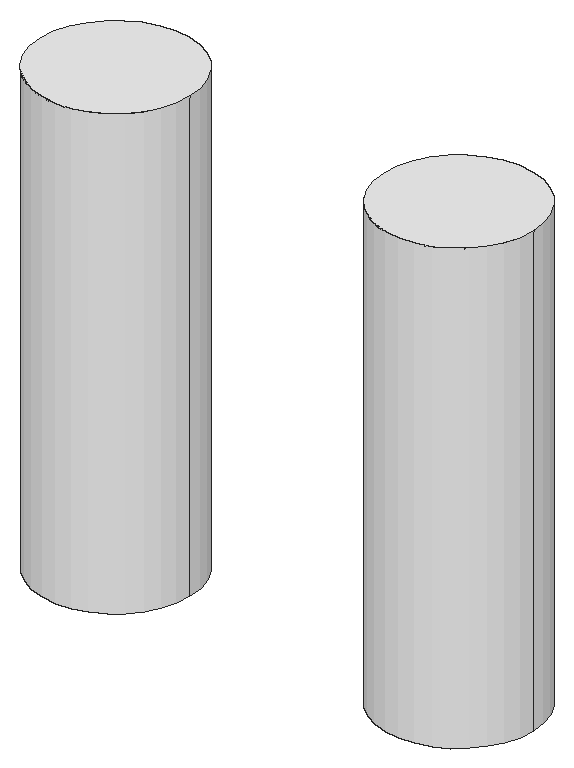
Revit family "54212209(2023)", category Plumbing Fixtures, Revit 2020
Family settings
  Round Connector Dimension = Use Diameter
  Part Type = Normal
  OmniClass Number = 23.45.55.00
  OmniClass Title = Sanitary Faucets, Wastes
  Work Plane-Based = No
  Always vertical = Yes
  Cut with Voids When Loaded = No
  Shared = No
  Room Calculation Point = No
Parameters (values of type "54212209 HANSAVANTIS Style")
  Working Pressure = "50 - 1000 kPa"
  WarrantyStartDate [instance] = "n/a"
  WarrantyGuarantorParts = "n/a"
  WarrantyGuarantorLabor = "n/a"
  WarrantyDurationUnit = "Year"
  WarrantyDurationParts = "n/a"
  WarrantyDurationLabor = "n/a"
  WarrantyDescription = "http://warranty.hansa.com"
  Warranty Information URL = "http://warranty.hansa.com"
  VersionDate = "17/01/2024"
  Version = "1"
  ValvePattern = "n/a"
  ValveOperation = "n/a"
  ValveMechanism = "n/a"
  Uniclass2015Reference = "Pr_40_20_87_96"
  Uniclass2015Description = "Washbasin manual water supply sets"
  Uniclass2 = "Pr_40_30_96_96"
  URL WEEE = "http://static.hansa.com/WEEE/54212209"
  URL UWL = "http://static.hansa.com/UWL/54212209"
  URL REACH = "http://static.hansa.com/doc/reach"
  URL EcoLabel Declaration = "http://static.hansa.com/doc/EcoLabel"
  URL EU Packaging Declaration = "http://static.hansa.com/doc/packaging"
  URL Declaration of SCIP = "http://static.hansa.com/doc/SCIP"
  URL Declaration of Conformity = "http://static.hansa.com/DoC/54212209"
  URL Declaration of Asbestos = "http://static.hansa.com/doc/asbestos"
  URL Declaration Of Performance (DOP) = "http://static.hansa.com/doc/DoP"
  URL = ""
  UNSPSC Class Number = "30181700 Faucets or taps"
  TestPressure = "n/a"
  Temperature Adjustments = "Limitation option for maximum temperature and flow-rate "
  Technical DataSheet URL = "http://www.hansa.com/datasheet/54212209/en"
  TagNumber [instance] = "n/a"
  SustainabilityPerformance = "n/a"
  Surface treatment = "Chrome"
  Spout Type = "Swivel spout"
  Spout Swivel Range = "120°"
  Spout Projection = "255 mm"
  Size = "54x261.5x338 mm"
  Shape = "Sculptured"
  SerialNumber [instance] = "n/a"
  Sales Package dimensions (LxWxH) = "508 x 249 x 96"
  Revision = "n/a"
  ReplacementCost = "n/a"
  Protection Class = "IP 55"
  ProductInformation = "Kitchen faucet with high spout"
  Product URL = "http://static.hansa.com/54212209"
  Product Image URL = "http://static.hansa.com/image/54212209"
  Product Family = "Hybrid Hybrid;Plug transformer;Bluetooth®"
  Product Code = "54212209"
  OperatingMechanismMaterial = "n/a"
  Operating Voltage = 2309 V
  Operating Distance = "0-30 mm ( 30/90/110/130 mm)"
  NominalWidth = 50 mm
  NominalHeight = 330 mm
  NominalDepth = 259 mm
  Noise Class = "I (ISO 3822)"
  Name_en = "54212209 HANSAVANTIS Style"
  Name = "54212209 HANSAVANTIS Style"
  NBSReference = "45-35-70/371"
  NBSDescription = "Water supply fittings for wash basins and troughs"
  ModelReference = "54212209"
  ModelNumber = "n/a"
  Model = "54212209 HANSAVANTIS Style"
  Mobile Product Information URL = "http://mpi.hansa.com/54212209"
  Mechanical Parts = "30Cartridge"
  Max. Hot Water Supply = 70 °C
  Max Flow Period = "10 s (1-1800s)"
  Material = "Brass"
  Market = "International;Germany;Austria;Belgium;Netherlands;Czech Republic;Slovakia;Italy"
  ManufacturerURL = "http://www.hansa.com"
  ManufacturerName = "HANSA"
  Manufacturer = "HANSA"
  Lever Handle = "Single operating lever/handle;Hot/Cold symbols"
  Interactive AR View URL = "https://static.hansa.com/AR/54212209"
  InstallationDate [instance] = "n/a"
  Installation and Maintenance Guide URL = "http://static.hansa.com/manual/54212209"
  Installation Type = "Deck mounted"
  InletConnectionSize = 10 mm
  IfcExportType = "FAUCET"  # constant formula
  IfcExportAs = "IfcValveType"  # constant formula
  Group = "Sales item"
  Grade = "n/a"
  FlowCoefficient = 0
  Flow Rate At 300kPa With Flow Controller = 0.18 L/s
  Flow Drawing URL = "http://static.hansa.com/flowchart/54212209"
  Finish = "Polished"
  Features = "Kitchen faucet"
  FaucetMainMaterial = Chrome
  FDV Document URL = "http://www.hansa.com/datasheet/54212209/en/fdv"
  ExpectedLife = "n/a"
  Electronic Parts = "Solenoid valve;Power supply"
  ETIM Class Number = "EC011431 Kitchen mixing tap"
  EN Standard = "ETSI EN 301 489-1 V1.9.2 , \nETSI EN 300 328 v2.2.2 , \nEN 61000-6-1:2007 , \nEN 61000-6-3:2007+A1:2011+AC:2012 , \nEN 60335-1:2012+A11+A13+A1+A14+A2+A15:2021, Part 19.11.4"
  EMC Directive = "Radio Equipment Directive 2014/53/EU , \nLow Voltage Directive 2014/35/EU , \nEMC Directive 2014/30/EU , \nRoHS Directive 2011/65/EU"
  EAN Number = "4057304019890"
  DurationUnit = "Year"
  Dimension Drawing URL = "http://static.hansa.com/dimdrw/54212209"
  Description = ""
  DefaultElevation [instance] = 900 mm
  Default Elevation = 0 mm
  Constituents = "n/a"
  Connection Size = "G3/8"
  Connection = "Flexible inlet pipes"
  Color = "Chrome"
  CodePerformance = "n/a"
  CloseOffRating = 0
  Catalog Drawing URL = "http://static.hansa.com/catdrw/54212209"
  Brand = "HANSA"
  BodyMaterial = "Brass"
  Bluetooth = "5.x (D060576)"
  Barcode [instance] = "n/a"
  Backflow Prevention EN1717 = "EB"
  BIMObjectName = "54212209(2023)"
  Automatic Flush Period = "30 s (1-1800 s)"
  Automatic Flush Frequency = "30 s (1-1800 s)"
  Author = "BIMStone"
  AssetType = "Fixed"
  AssetIdentifier [instance] = "n/a"
  Aerator = "Standard aerator"
  Advanced Features = "Inner body made of DZR brass"
  AccessibilityPerformance = "n/a"
  3D View = "https://static.hansa.com/AR/54212209"
  2D/3D/BIM Files URL = "http://static.hansa.com/bim/54212209"
Reference planes
  plane 1 "Center (Front/Back)": y = 0
  plane 2: z = 0
  plane 3 "Center (Left/Right)": x = 0
  plane 4: x = -25
  plane 5: z = 900
  plane 6: z = 870
  plane 7: x = 25
  plane 8: y = -259
  plane 9: z = 1230
  plane 10: x = 73.906
Forms (mm)
  Extrusion 1, solid, material "Chrome" <- "FaucetMainMaterial"
    sketch origin (0, 47.989, 0) x (1, 0, 0) y (0, 1, 0)
      loop
        circle (-11.5, -71.208) r 5
      loop
        circle (11.5, -71.208) r 5
    from 870 to 900
Dimensions and locks
  "DefaultElevation": plane 5 to level
  locked: plane 5 to plane 6 at 30
  equal spacing: plane 4, plane 3 "Center (Left/Right)", plane 7
  "NominalWidth": plane 4 to plane 7
  "NominalDepth": plane 8 to plane 1 "Center (Front/Back)"
  "NominalHeight": plane 9 to plane 5
  plane 4 to plane 10 = 98.906 mm
  "InletConnectionSize": diameter of Extrusion 1 sketch curve  (x2)
  aligned and locked: level to plane 2
  aligned and locked: plane 5 to Extrusion 1
  aligned and locked: Extrusion 1 to plane 6
  aligned and locked: plane 5 to nested 2
Automatic sketch dimensions
  plane 3 "Center (Left/Right)" to Extrusion 1 sketch curve = 11.5 mm
  Extrusion 1 sketch curve to plane 3 "Center (Left/Right)" = 11.5 mm
  plane 1 "Center (Front/Back)" to Extrusion 1 sketch curve = 23.219 mm  (x2)
Nested families
  nested 1: "Symbol" at (0, 0, 0), type "Symbol", detail levels coarse
  nested 2: "54212209(2023)_p" at (0, 0, 900), Body <- "FaucetMainMaterial", type "54212209(2023)"
    with Body Chrome
Connectors
  piping at (-11.5, -23.219, 870), diameter 10, driven by "InletConnectionSize"
    settings: on Extrusion 1, index 1, connector inside diameter 609.6 mm, connector length 0 mm, flow factor 0, pipe flow 0.0 L/s, pressure drop 0.0 Pa, fitting loss kfactor 0, connector angle 0.00°, fixture units 0, engagement length 0 mm, angle of deflection 0.00°, flow configuration 1, flow direction 1, fitting loss method 0, system type 19, joint type 0, gender type 0, connector reference index -1, connector utility 0, adjustable connector no, is connector primary yes, connector description ""
  piping at (11.5, -23.219, 870), diameter 10, driven by "InletConnectionSize"
    settings: on Extrusion 1, index 2, connector inside diameter 609.6 mm, connector length 0 mm, flow factor 0, pipe flow 0.0 L/s, pressure drop 0.0 Pa, fitting loss kfactor 0, connector angle 0.00°, fixture units 0, engagement length 0 mm, angle of deflection 0.00°, flow configuration 1, flow direction 1, fitting loss method 0, system type 20, joint type 0, gender type 0, connector reference index -1, connector utility 0, adjustable connector no, is connector primary no, connector description ""
Definition of nested family "Symbol"
  Reference planes
    plane 1: y = 0
    plane 2: x = 0
  Lines and regions (mm)
    detail lines
      curve 1: line (0, 0, 0) -> (0, -1.8, 0)
      curve 2: line (-0.4, -1.1, 0) -> (0.4, -1.1, 0)
      curve 3: line (-0.4, -1.4, 0) -> (0.4, -1.4, 0)
      curve 4: line (0.863, 0, 0) -> (-0.863, 0, 0)
      curve 5: circle (-1.163, 0, 0) r 0.3 normal (0, 0, -1)
      curve 6: circle (1.163, 0, 0) r 0.3 normal (0, 0, 1)
Definition of nested family "54212209(2023)_p"
  Parameters
    Default Elevation = 0 mm
    Body [instance] = none
  Reference planes
    plane 1 "Center (Front/Back)": y = 0
    plane 2: z = 0
    plane 3 "Center (Left/Right)": x = 0
    plane 4: y = -259.041
    plane 5: z = 329.978
    plane 6: x = 73.906
    plane 7: x = -25.016
    plane 8: x = 25.016
  Forms (mm)
    Revolve 1, solid, material <- "Body", detail levels medium
      sketch origin (0, -25.106, 0) x (1, 0, 0) y (0, 0, 1)
        loop
          line (0, 0) -> (0, 119.955) -> (0, 155.995) -> (-12.03, 155.995)
          arc (-12.03, 155.995) -> (-13.262, 151.035) -> (-15.793, 146.595) r 18.682
          arc (-15.793, 146.595) -> (-19.386, 139.881) -> (-20.627, 132.367) r 23.353
          line (-20.627, 132.367) -> (-20.627, 4.978) -> (-23.539, 4.978)
          arc (-23.539, 4.978) -> (-24.583, 4.546) -> (-25.016, 3.501) r 1.477
          line (-25.016, 3.501) -> (-25.016, 0) -> (-23.227, 0) -> (0, 0)
        axis (0, 155.995) -> (0, 0)
      angle from 0 to 360
    Sweep 2, solid, material <- "Body", detail levels medium
      path origin (0, 0, 0) x (0, 1, 0) y (0, 0, 1)
        loop
          line (-24.168, 155.995) -> (-24.168, 287.084)
          arc (-24.168, 287.084) -> (-33.329, 309.199) -> (-55.444, 318.36) r 31.276
          line (-55.444, 318.36) -> (-213.11, 318.36)
          arc (-213.11, 318.36) -> (-233.231, 311.333) -> (-244.604, 293.308) r 32.323
          line (-244.604, 293.308) -> (-247.493, 280.796)
      profile origin (0, -24.168, 221.54) x (0, -1, 0) y (1, 0, 0)
        loop
          circle (0.937, 0) r 12.03
    Extrusion 3, solid, material <- "Body", detail levels medium
      sketch origin (0, -1.875, 5.625) x (0, 1, 0) y (0, 0, 1)
        loop
          circle (-23.35, 63.254) r 20
      from 0 to 73.906
    Revolve 4, solid, material <- "Body", detail levels medium
      sketch origin (68.39, -1.875, 5.625) x (0, 1, 0) y (0, 0, 1)
        loop
          line (-63.264, 132.518) -> (-30.764, 76.226) -> (-26.236, 78.84) -> (-57.737, 133.4)
          arc (-57.737, 133.4) -> (-58.951, 134.332) -> (-60.467, 134.132) r 1.999
          line (-60.467, 134.132) -> (-63.264, 132.518)
        axis (-63.264, 132.518) -> (-30.764, 76.226)
      angle from 0 to 360
    Extrusion 5, solid, material <- "Body", detail levels coarse
      sketch origin (0, 0, 0) x (1, 0, 0) y (0, 1, 0)
        loop
          line (-25.016, 0) -> (-25.016, -259.041) -> (73.906, -259.041) -> (73.906, 0) -> (-25.016, 0)
      from 0 to 329.978
  Cuts and joins
    joined: Revolve 1, Sweep 2, Extrusion 3, Revolve 4
  Lines and regions (mm)
    symbolic lines, detail levels medium+fine
      curve 1: line (0, 0, 0) -> (-25.016, 0, 0)
      curve 2: line (-11.88, 0, 318.671) -> (-11.88, 0, 156.039)
      curve 3: arc (0, 0, 329.964) -> (-8.363, 0, 326.867) -> (-11.88, 0, 318.671) r 11.307
      curve 4: line (0, 0, 0) -> (25.016, 0, 0)
      curve 5: line (11.88, 0, 318.671) -> (11.88, 0, 156.039)
      curve 6: arc (0, 0, 329.964) -> (8.363, 0, 326.867) -> (11.88, 0, 318.671) r 11.307
      curve 7: line (41.194, 0, 47.358) -> (27.225, 0, 47.358)
      curve 8: line (41.194, 0, 47.358) -> (41.194, 0, 48.505)
      curve 9: line (41.194, 0, 89.354) -> (26.3, 0, 89.354)
      curve 10: line (41.194, 0, 48.505) -> (43.515, 0, 49.171)
      curve 11: arc (43.515, 0, 49.171) -> (45.054, 0, 49.727) -> (46.503, 0, 50.486) r 12.11
      curve 13: line (72.352, 0, 47.387) -> (49.555, 0, 47.387)
      curve 14: arc (49.555, 0, 47.387) -> (48.783, 0, 47.572) -> (48.179, 0, 48.085) r 1.706
      curve 15: arc (48.179, 0, 48.085) -> (47.327, 0, 49.276) -> (46.503, 0, 50.486) r 63.042
      curve 16: arc (73.906, 0, 49.028) -> (73.482, 0, 47.873) -> (72.352, 0, 47.387) r 1.556
      curve 17: line (73.906, 0, 49.028) -> (73.906, 0, 135.708)
      curve 18: arc (73.906, 0, 135.708) -> (73.209, 0, 137.835) -> (71.387, 0, 139.135) r 3.591
      curve 19: arc (71.387, 0, 139.135) -> (68.253, 0, 139.524) -> (65.183, 0, 138.788) r 8.849
      curve 20: arc (65.183, 0, 138.788) -> (63.79, 0, 137.527) -> (63.431, 0, 135.683) r 2.975
      curve 21: line (63.431, 0, 135.683) -> (62.93, 0, 91.848)
      curve 22: line (43.166, 0, 89.375) -> (61.286, 0, 89.375)
      curve 23: arc (62.93, 0, 91.848) -> (62.871, 0, 91.088) -> (62.715, 0, 90.342) r 5.846
      curve 24: arc (62.715, 0, 90.342) -> (62.178, 0, 89.596) -> (61.286, 0, 89.375) r 1.334
      curve 25: line (43.166, 0, 89.375) -> (43.166, 0, 87.583)
      curve 28: line (43.166, 0, 87.583) -> (41.194, 0, 88.149)
      curve 29: line (41.194, 0, 88.149) -> (41.194, 0, 89.354)
      curve 32: arc (-11.579, -248.462, 0) -> (-8.121, -256.304, 0) -> (0, -259.041, 0) r 10.623
      curve 36: arc (11.579, -248.462, 0) -> (8.121, -256.304, 0) -> (0, -259.041, 0) r 10.623
      curve 39: line (41.2, -45.948, 0) -> (15.824, -45.948, 0)
      curve 41: line (41.2, -44.788, 0) -> (41.2, -45.948, 0)
      curve 42: line (43.192, -44.217, 0) -> (41.2, -44.788, 0)
      curve 43: line (43.192, -44.217, 0) -> (43.192, -45.522, 0)
      curve 44: arc (43.192, -45.522, 0) -> (43.316, -45.823, 0) -> (43.618, -45.947, 0) r 0.426
      curve 45: line (43.618, -45.947, 0) -> (63.077, -45.947, 0)
      curve 46: line (63.077, -45.947, 0) -> (63.393, -64.049, 0)
      curve 47: arc (63.393, -64.049, 0) -> (64.453, -66.968, 0) -> (67.082, -68.62, 0) r 4.781
      curve 48: arc (67.082, -68.62, 0) -> (71.491, -67.817, 0) -> (73.906, -64.042, 0) r 5.613
      curve 49: line (73.906, -64.042, 0) -> (73.906, -5.344, 0)
      curve 50: arc (73.906, -5.344, 0) -> (73.506, -4.376, 0) -> (72.538, -3.975, 0) r 1.368
      curve 51: line (72.538, -3.975, 0) -> (46.729, -3.975, 0)
      curve 52: arc (46.729, -3.975, 0) -> (46.155, -4.075, 0) -> (45.647, -4.361, 0) r 1.71
      curve 53: arc (45.647, -4.361, 0) -> (44.77, -5.137, 0) -> (43.956, -5.979, 0) r 14.938
      curve 54: line (41.2, -5.16, 0) -> (42.717, -5.538, 0)
      curve 55: arc (42.717, -5.538, 0) -> (43.348, -5.729, 0) -> (43.956, -5.979, 0) r 6.786
      curve 56: line (41.2, -5.16, 0) -> (41.2, -4.257, 0)
      curve 57: arc (41.2, -4.257, 0) -> (41.113, -4.047, 0) -> (40.902, -3.96, 0) r 0.298
      curve 58: line (40.902, -3.96, 0) -> (15.902, -3.96, 0)
      curve 65: line (0, 0, 0) -> (0, -50, 0)
      curve 66: line (0, -50, 0) -> (0, -50, 3.395)
      curve 67: line (0, -45.958, 4.978) -> (0, -48.458, 4.978)
      curve 68: arc (0, -48.458, 4.978) -> (0, -49.563, 4.512) -> (0, -50, 3.395) r 1.542
      curve 69: line (0, -45.958, 4.978) -> (0, -45.958, 93.762)
      curve 71: line (0, -45.958, 115.126) -> (0, -45.958, 128.827)
      curve 72: line (0, -45.958, 115.126) -> (0, -59.196, 138.054)
      curve 73: line (0, -45.958, 93.762) -> (0, -68.502, 133.164)
      curve 74: line (0, -62.19, 139.108) -> (0, -67.777, 135.883)
      curve 75: arc (0, -59.196, 138.054) -> (0, -60.451, 139.27) -> (0, -62.19, 139.108) r 2.09
      curve 76: arc (0, -67.777, 135.883) -> (0, -68.703, 134.674) -> (0, -68.502, 133.164) r 1.987
      curve 77: arc (0, -45.958, 128.827) -> (0, -44.433, 138.219) -> (0, -40.015, 146.646) r 29.684
      curve 78: arc (0, -40.015, 146.646) -> (0, -37.703, 151.087) -> (0, -36.945, 156.036) r 15.338
      curve 79: line (0, -36.945, 156.036) -> (0, -36.945, 287.447)
      curve 80: arc (0, -36.945, 287.447) -> (0, -42.352, 300.5) -> (0, -55.406, 305.907) r 18.461
      curve 81: line (0, -55.406, 305.907) -> (0, -214.795, 305.907)
      curve 82: arc (0, -214.795, 305.907) -> (0, -226.736, 301.515) -> (0, -232.984, 290.431) r 18.427
      curve 83: line (0, -232.984, 290.431) -> (0, -235.84, 278.061)
      curve 84: line (0, -235.84, 278.061) -> (0, -259.041, 283.417)
      curve 85: line (0, -256.259, 296.173) -> (0, -259.041, 284.119)
      curve 86: arc (0, -259.041, 284.119) -> (0, -259.081, 283.768) -> (0, -259.041, 283.417) r 1.561
      curve 87: arc (0, -213.582, 329.978) -> (0, -240.842, 320.551) -> (0, -256.259, 296.173) r 43.617
      curve 88: line (0, -213.582, 329.978) -> (0, -55.72, 329.978)
      curve 89: arc (0, -55.72, 329.978) -> (0, -25.509, 317.464) -> (0, -12.995, 287.253) r 42.725
      curve 90: line (0, -12.995, 287.253) -> (0, -12.995, 155.857)
      curve 91: arc (0, -12.995, 155.857) -> (0, -12.176, 150.915) -> (0, -9.806, 146.501) r 15.32
      curve 92: arc (0, -9.806, 146.501) -> (0, -5.345, 138.078) -> (0, -3.947, 128.65) r 28.182
      curve 93: line (0, -3.947, 128.65) -> (0, -3.947, 4.978)
      curve 94: line (0, -3.947, 4.978) -> (0, -1.363, 4.978)
      curve 95: arc (0, -1.363, 4.978) -> (0, -0.358, 4.537) -> (0, 0, 3.5) r 1.368
      curve 96: line (0, 0, 3.5) -> (0, 0, 0)
      curve 100: line (25.016, 0, 0) -> (25.016, 0, 3.474)
      curve 101: line (21.3, 0, 4.978) -> (23.659, 0, 4.978)
      curve 102: arc (23.659, 0, 4.978) -> (24.672, 0, 4.527) -> (25.016, 0, 3.474) r 1.364
      curve 103: line (-25.016, 0, 0) -> (-25.016, 0, 3.639)
      curve 104: line (-20.627, 0, 4.978) -> (-23.5, 0, 4.978)
      curve 105: arc (-23.5, 0, 4.978) -> (-24.511, 0, 4.595) -> (-25.016, 0, 3.639) r 1.527
      curve 106: line (-20.627, 0, 4.978) -> (-20.627, 0, 128.799)
      curve 107: arc (-20.627, 0, 128.799) -> (-19.142, 0, 138.762) -> (-14.815, 0, 147.859) r 34.16
      curve 108: arc (-14.815, 0, 147.859) -> (-12.839, 0, 151.767) -> (-11.88, 0, 156.039) r 17.74
      curve 109: line (21.3, 0, 4.978) -> (21.3, 0, 41.433)
      curve 110: arc (27.225, 0, 47.358) -> (23.035, 0, 45.623) -> (21.3, 0, 41.433) r 5.925
      curve 111: line (21.3, 0, 94.354) -> (21.3, 0, 129.354)
      curve 112: arc (21.3, 0, 94.354) -> (22.764, 0, 90.819) -> (26.3, 0, 89.354) r 5
      curve 113: arc (21.3, 0, 129.354) -> (19.722, 0, 138.734) -> (15.163, 0, 147.083) r 28.675
      curve 114: arc (15.163, 0, 147.083) -> (12.81, 0, 151.3) -> (11.88, 0, 156.039) r 15.386
      curve 123: arc (15.902, -3.96, 0) -> (13.914, -3.765, 0) -> (12.001, -3.188, 0) r 10.25
      curve 124: arc (15.824, -45.948, 0) -> (14.232, -46.132, 0) -> (12.724, -46.675, 0) r 6.974
      curve 125: line (-11.579, -47.19, 0) -> (-11.579, -248.462, 0)
      curve 126: arc (11.579, -47.312, 0) -> (12.155, -47.001, 0) -> (12.724, -46.675, 0) r 25.016
      curve 127: line (11.579, -47.312, 0) -> (11.579, -248.462, 0)
      curve 129: arc (12.001, -3.067, 0) -> (-22.063, -13.225, 0) -> (-11.579, -47.19, 0) r 25.016
    symbolic lines, detail levels fine
      curve 12: line (41.194, 0, 48.505) -> (41.194, 0, 88.149)
      curve 26: arc (43.166, 0, 59.375) -> (43.314, 0, 57.928) -> (43.752, 0, 56.542) r 7.131
      curve 27: arc (43.752, 0, 56.542) -> (45.101, 0, 53.502) -> (46.503, 0, 50.486) r 186.065
      curve 30: line (43.166, 0, 87.583) -> (43.166, 0, 59.375)
      curve 31: line (-11.579, -43.321, 0) -> (-11.579, -47.19, 0)
      curve 33: line (-11.579, -43.321, 0) -> (-11.579, -23.321, 0)
      curve 34: arc (-11.579, -23.321, 0) -> (-8.185, -15.148, 0) -> (0, -11.782, 0) r 11.539
      curve 35: line (11.579, -43.321, 0) -> (11.579, -44.492, 0)
      curve 37: line (11.579, -43.321, 0) -> (11.579, -23.321, 0)
      curve 38: arc (11.579, -23.321, 0) -> (8.185, -15.148, 0) -> (0, -11.782, 0) r 11.539
      curve 40: line (11.579, -44.492, 0) -> (11.579, -47.312, 0)
      curve 59: line (41.2, -5.16, 0) -> (41.2, -44.788, 0)
      curve 60: line (63.077, -45.947, 0) -> (62.942, -38.181, 0)
      curve 61: arc (62.942, -38.181, 0) -> (63.837, -35.378, 0) -> (66.251, -33.696, 0) r 4.586
      curve 62: arc (66.251, -33.696, 0) -> (70.938, -34.207, 0) -> (73.906, -37.87, 0) r 6.192
      curve 63: line (43.192, -44.217, 0) -> (43.192, -7.885, 0)
      curve 64: arc (43.192, -7.885, 0) -> (43.39, -6.858, 0) -> (43.956, -5.979, 0) r 2.759
      curve 70: line (0, -45.958, 93.762) -> (0, -45.958, 115.126)
      curve 97: line (0, -3.947, 4.978) -> (0, -45.958, 4.978)
      curve 98: line (0, -234.796, 282.585) -> (0, -258.151, 287.977)
      curve 99: spline (11.88, 0, 280.681) -> (11.475, 0, 281.427) -> (10.289, 0, 282.122) -> (8.401, 0, 282.719) -> (5.94, 0, 283.177) -> (3.075, 0, 283.465) -> (0, 0, 283.563) -> (-3.075, 0, 283.465) -> (-5.94, 0, 283.177) -> (-8.401, 0, 282.719) -> (-10.289, 0, 282.122) -> (-11.475, 0, 281.427) -> (-11.88, 0, 280.681) -> (-11.475, 0, 279.935) -> (-10.289, 0, 279.24) -> (-8.401, 0, 278.643) -> (-5.94, 0, 278.184) -> (-3.075, 0, 277.897) -> (0, 0, 277.798) -> (3.075, 0, 277.897) -> (5.94, 0, 278.184) -> (8.401, 0, 278.643) -> (10.289, 0, 279.24) -> (11.475, 0, 279.935) -> (11.88, 0, 280.681)
      curve 115: arc (-11.235, 0, 286.188) -> (-5.742, 0, 287.963) -> (0, 0, 288.563) r 27.754
      curve 116: arc (-11.88, 0, 285.187) -> (-11.707, 0, 285.784) -> (-11.235, 0, 286.188) r 1.084
      curve 117: arc (11.235, 0, 286.188) -> (5.742, 0, 287.963) -> (0, 0, 288.563) r 27.754
      curve 118: arc (11.88, 0, 285.187) -> (11.707, 0, 285.784) -> (11.235, 0, 286.188) r 1.084
      curve 119: line (-20.627, 0, 4.978) -> (21.3, 0, 4.978)
      curve 120: line (22.764, 0, 90.819) -> (6.309, 0, 74.363)
      curve 121: line (23.035, 0, 45.623) -> (6.309, 0, 62.349)
      curve 122: arc (6.309, 0, 74.363) -> (3.821, 0, 68.356) -> (6.309, 0, 62.349) r 8.495
      curve 128: arc (12.724, -46.675, 0) -> (25.012, -24.721, 0) -> (12.001, -3.188, 0) r 25.016
  Dimensions and locks
    aligned and locked: level to plane 2
